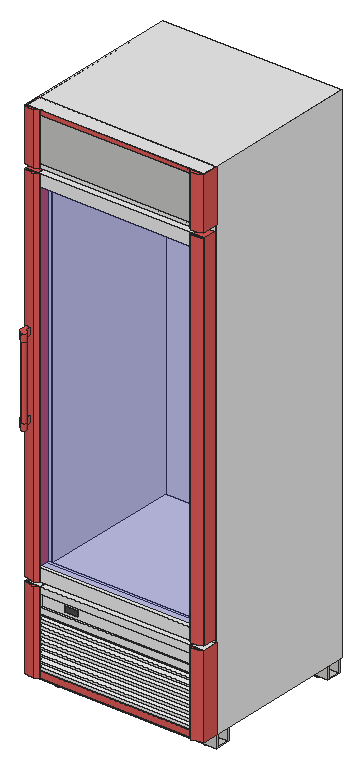
Revit family "QF_Turbo Air_TGM-20SDe71fbfcc-a720-466c-b225-491fcb03b18e", category Specialty Equipment, Revit 2012
Parameters (values of type "White - Wine")
  Width = 2' - 3"  # constant formula
  Weight in Pounds = 292  # constant formula
  Watermarked By = "http://revitwatermark.com"
  Volts = 115 V
  URL Cutsheet = ""
  URL = "www.turboairinc.com"
  Status [instance] = ""
  Specification by User [instance] = ""
  Specification by Manufacturer [instance] = ""
  Sign Material [instance] = QF_Finishes_Turbo Air Image
  Serial Number [instance] = ""
  Revision Code [instance] = ""
  Phase = 1
  Number of Poles [instance] = 1
  NAFEM Spec ID Number [instance] = ""
  Model = "TGM-20SDV"
  Masterspec [instance] = ""
  Manufacturer = "Turbo Air"  # constant formula
  Lower Door Frame Material = QF_Finishes_White
  Lower Cowl Frame Material = QF_Finishes_Anodized - Red
  Legs [instance] = not(Casters)  # yes
  Item Number [instance] = "-"
  Installed By [instance] = ""
  HP = "1/4"
  Furnished By [instance] = ""
  Foodservice Equipment Identifier = yes
  FL Amps = 5.5 A
  Electrical Remarks [instance] = ""
  Electric Connection Type [instance] = ""
  Elec Conn RI Height [instance] = 0' - 0"
  Elec Conn Connection Height [instance] = if(Casters, 0' 11", 0' 6")  # 0' - 6"
  Door Material = QF_Finishes_Anodized - Red
  Description = "Refrigerator Merchandiser"
  Depth = 2' - 1 15/16"  # constant formula
  Cycle = 60 Hz
  Conn Plug = "NEMA 5-15P"
  CasterLeg Height [instance] = if(Casters, 0' 5", 0' 0 1/2")  # 0' - 0 1/2"
  CSI MasterFormat = "11 41 13"
  Body Material = QF_Finishes_White
  Assembly Code = "E1090320"
  Apparent Power = if(Phase = 3, Volts * FL Amps * 1.73, Volts * FL Amps)  # 632.5 VA
  Casters [instance] = no
Types (4): name | Model | Lower Door Frame Material | Lower Cowl Frame Material | Door Material | Body Material
  (no name) | "TGM-20SDV" | QF_Finishes_White | QF_Finishes_Anodized - Red | QF_Finishes_Anodized - Red | QF_Finishes_White
  Black | "TGM-20SDB" | QF_Finishes_Black | QF_Finishes_Black | QF_Finishes_Black | QF_Finishes_Black
  White | "TGM-20SDW" | QF_Finishes_White | QF_Finishes_White | QF_Finishes_White | QF_Finishes_White
  White - Wine | "TGM-20SDV" | QF_Finishes_White | QF_Finishes_Anodized - Red | QF_Finishes_Anodized - Red | QF_Finishes_White
Reference planes (in)
  plane 1: z = 0
  plane 2 "LEFT": x = -20.72594
  plane 3 "RIGHT": x = 6.27406
  plane 4 "FRONT": y = -29.375
  plane 5 "BACK": y = -1.1875
  plane 6 "Front of Door": y = -27.125
  plane 7 "Top of Door": z = 70.8125
  plane 8 "Top of Lower Cowl": z = 14.875
  plane 9 "Front of Box": y = -24.75
  plane 10 "Bottom of Door": z = 15.5625
  plane 11 "Bottom of Lower Cowl": z = 2.5
  plane 12 "Left of Vents": x = -18.53844
  plane 13 "Right of Vents": x = 4.08656
  plane 14 "Bottom": z = 0.5
  plane 15 "TOP": z = 79.4375
  plane 16 "Bottom of Top Display": z = 71.5625
Forms (in)
  Extrusion 1, solid, material "QF_Finishes_White" <- "Body Material"
    sketch origin (0, -1.1875, 0) x (1, 0, 0) y (0, 0, 1)
      loop
        line (-20.72594, 2.5) -> (6.27406, 2.5) -> (6.27406, 79.4375) -> (-20.72594, 79.4375) -> (-20.72594, 2.5)
      loop
        line (-20.60094, 79.3125) -> (-20.60094, 2.625) -> (6.14906, 2.625) -> (6.14906, 79.3125) -> (-20.60094, 79.3125)
    from 0 to 23.5625
  Extrusion 2, solid, material "QF_Finishes_White" <- "Body Material"
    sketch origin (0, -1.1875, 0) x (1, 0, 0) y (0, 0, 1)
      loop
        line (-20.60094, 79.3125) -> (-20.60094, 2.625) -> (6.14906, 2.625) -> (6.14906, 79.3125) -> (-20.60094, 79.3125)
    from 0 to 0.125
  Extrusion 3, solid, material "QF_Finishes_White" <- "Body Material"
    sketch origin (0, -24.75, 0) x (1, 0, 0) y (0, 0, 1)
      loop
        line (-18.72594, 68.8125) -> (-18.72594, 16.875) -> (4.27406, 16.875) -> (4.27406, 68.8125) -> (-18.72594, 68.8125)
      loop
        line (-20.60094, 79.3125) -> (-20.60094, 2.625) -> (6.14906, 2.625) -> (6.14906, 79.3125) -> (-20.60094, 79.3125)
      loop
        line (4.08656, 14.875) -> (-18.53844, 14.875) -> (-18.53844, 3.5) -> (4.08656, 3.5) -> (4.08656, 14.875)
    from 0 to -0.125
  Extrusion 4, solid, material "QF_Finishes_White"
    sketch origin (-20.72594, 0, 0) x (0, 1, 0) y (0, 0, 1)
      loop
        line (-24.625, 15) -> (-1.3125, 15) -> (-1.3125, 79.3125) -> (-24.625, 79.3125) -> (-24.625, 68.8125) -> (-22.75, 68.8125) -> (-22.75, 77.4375) -> (-3.1875, 77.4375) -> (-3.1875, 16.875) -> (-24.625, 16.875) -> (-24.625, 15)
    from 0.125 to 26.875
  Extrusion 5, solid, material "QF_Finishes_White"
    sketch origin (-20.72594, 0, 0) x (0, 1, 0) y (0, 0, 1)
      loop
        line (-24.625, 16.875) -> (-3.1875, 16.875) -> (-3.1875, 77.4375) -> (-22.75, 77.4375) -> (-22.75, 68.8125) -> (-24.625, 68.8125) -> (-24.625, 16.875)
    from 0.125 to 2
  Extrusion 6, solid, material "QF_Finishes_White"
    sketch origin (6.27406, 0, 0) x (0, 1, 0) y (0, 0, 1)
      loop
        line (-24.625, 16.875) -> (-3.1875, 16.875) -> (-3.1875, 77.4375) -> (-22.75, 77.4375) -> (-22.75, 68.8125) -> (-24.625, 68.8125) -> (-24.625, 16.875)
    from -0.125 to -2
  Extrusion 7, solid, material "QF_Finishes_Black"
    sketch origin (0, -24.75, 0) x (1, 0, 0) y (0, 0, 1)
      loop
        line (-19.41344, 69.5) -> (-19.41344, 16.1875) -> (4.96156, 16.1875) -> (4.96156, 69.5) -> (-19.41344, 69.5)
      loop
        line (-19.53844, 69.625) -> (-19.53844, 16.0625) -> (5.08656, 16.0625) -> (5.08656, 69.625) -> (-19.53844, 69.625)
    from 0 to 0.4375
  Extrusion 8, solid, material "QF_Finishes_White" <- "Body Material"
    sketch origin (0, -1.1875, 0) x (1, 0, 0) y (0, 0, 1)
      loop
        circle (-7.22594, 6) r 0.25
    from 0 to -0.0625
  Extrusion 9, solid, material "QF_Finishes_Anodized - Red" <- "Door Material"
    sketch origin (0, 0, 2.5) x (0, 1, 0) y (-1, 0, 0)
      loop
        line (-24.75, 20.72594) -> (-27.25, 20.72594)
        arc (-27.25, 20.72594) -> (-27.46771, 19.92526) -> (-27.5625, 19.10094) r 5.5
        line (-27.5625, 19.10094) -> (-27.1875, 18.53844) -> (-27.125, 18.53844) -> (-27.125, 20.60094) -> (-24.75, 20.60094) -> (-24.75, 20.72594)
    from 0 to 12.375
  Extrusion 10, solid, material "QF_Finishes_Anodized - Red" <- "Door Material"
    sketch origin (25.75, 0, 2.5) x (0, 1, 0) y (-1, 0, 0)
      loop
        line (-24.75, 19.47594) -> (-24.75, 19.60094) -> (-27.125, 19.60094) -> (-27.125, 21.66344) -> (-27.1875, 21.66344) -> (-27.5625, 21.10094)
        arc (-27.5625, 21.10094) -> (-27.46771, 20.27662) -> (-27.25, 19.47594) r 5.5
        line (-27.25, 19.47594) -> (-24.75, 19.47594)
    from 0 to 12.375
  Extrusion 11, solid, material "QF_Finishes_White" <- "Body Material"
    sketch origin (0, -24.75, 0) x (1, 0, 0) y (0, 0, 1)
      loop
        line (-18.53844, 14.875) -> (-18.53844, 13.875) -> (4.08656, 13.875) -> (4.08656, 14.875) -> (-18.53844, 14.875)
      loop
        line (-18.53844, 12.1875) -> (-18.53844, 11.1875) -> (4.08656, 11.1875) -> (4.08656, 12.1875) -> (-18.53844, 12.1875)
    from 0 to 2.375
  Extrusion 12, solid, material "QF_Finishes_White" <- "Body Material"
    sketch origin (0, -24.75, 0) x (1, 0, 0) y (0, 0, 1)
      loop
        line (-18.53844, 13.875) -> (-18.53844, 12.1875) -> (4.08656, 12.1875) -> (4.08656, 13.875) -> (-18.53844, 13.875)
      loop
        line (-14.97594, 12.625) -> (-13.03844, 12.625) -> (-13.03844, 13.4375) -> (-14.97594, 13.4375) -> (-14.97594, 12.625)
    from 0 to 2.125
  Extrusion 13, solid, material "QF_Finishes_Black"
    sketch origin (0, -24.75, 0) x (1, 0, 0) y (0, 0, 1)
      loop
        line (-14.97594, 13.4375) -> (-14.97594, 12.625) -> (-13.03844, 12.625) -> (-13.03844, 13.4375) -> (-14.97594, 13.4375)
    from 0 to 2.125
  Extrusion 14, solid, material "QF_Finishes_White" <- "Body Material"
    sketch origin (0, -24.75, 0) x (1, 0, 0) y (0, 0, 1)
      loop
        line (-20.60094, 14.875) -> (-20.60094, 2.5) -> (6.14906, 2.5) -> (6.14906, 14.875) -> (4.08656, 14.875) -> (4.08656, 3.5) -> (-18.53844, 3.5) -> (-18.53844, 14.875) -> (-20.60094, 14.875)
    from 0 to 2.375
  Extrusion 15, solid, material "QF_Finishes_Anodized - Red" <- "Lower Cowl Frame Material"
    sketch origin (0, -27.125, 0) x (1, 0, 0) y (0, 0, 1)
      loop
        line (-18.53844, 3.5) -> (-18.53844, 2.5) -> (4.08656, 2.5) -> (4.08656, 3.5) -> (-18.53844, 3.5)
    from 0 to 0.0625
  Extrusion 16, solid, material "QF_Finishes_White" <- "Body Material"
    sketch origin (-18.53844, 0, 0) x (0, 1, 0) y (0, 0, 1)
      loop
        line (-27.125, 3.5625) -> (-27, 3.5625) -> (-27, 3.88572) -> (-26.47411, 4.41161) -> (-26.5625, 4.5) -> (-27.125, 3.9375) -> (-27.125, 3.5625)
      loop
        line (-27.125, 4.5) -> (-27, 4.625) -> (-27, 4.82322) -> (-26.47411, 5.34911) -> (-26.5625, 5.4375) -> (-27.125, 4.875) -> (-27.125, 4.5)
      loop
        line (-27.125, 5.4375) -> (-27, 5.5625) -> (-27, 5.76072) -> (-26.47411, 6.28661) -> (-26.5625, 6.375) -> (-27.125, 5.8125) -> (-27.125, 5.4375)
      loop
        line (-27.125, 6.375) -> (-27, 6.5) -> (-27, 6.69822) -> (-26.47411, 7.22411) -> (-26.5625, 7.3125) -> (-27.125, 6.75) -> (-27.125, 6.375)
      loop
        line (-27.125, 11.0625) -> (-26.5625, 11.0625) -> (-27.125, 10.5) -> (-27.125, 10.125) -> (-27, 10.25) -> (-27, 10.44822) -> (-26.47411, 10.97411) -> (-26.47411, 11.125) -> (-27.125, 11.125) -> (-27.125, 11.0625)
      loop
        line (-27.125, 7.3125) -> (-27, 7.4375) -> (-27, 7.63572) -> (-26.47411, 8.16161) -> (-26.5625, 8.25) -> (-27.125, 7.6875) -> (-27.125, 7.3125)
      loop
        line (-27.125, 8.25) -> (-27, 8.375) -> (-27, 8.57322) -> (-26.47411, 9.09911) -> (-26.5625, 9.1875) -> (-27.125, 8.625) -> (-27.125, 8.25)
      loop
        line (-27.125, 9.1875) -> (-27, 9.3125) -> (-27, 9.51072) -> (-26.47411, 10.03661) -> (-26.5625, 10.125) -> (-27.125, 9.5625) -> (-27.125, 9.1875)
    from 0 to 22.625
  Extrusion 17, solid, material "QF_Finishes_Stainless Steel"
    sketch origin (-20.72594, 0, 0) x (0, 1, 0) y (0, 0, 1)
      loop
        line (-24.5625, 2.5) -> (-24.5625, 0.5) -> (-22.375, 0.5) -> (-22.375, 2.5) -> (-22.5, 2.5) -> (-22.5, 0.625) -> (-24.4375, 0.625) -> (-24.4375, 2.5) -> (-24.5625, 2.5)
      loop
        line (-3.5625, 2.5) -> (-3.5625, 0.5) -> (-1.375, 0.5) -> (-1.375, 2.5) -> (-1.5, 2.5) -> (-1.5, 0.625) -> (-3.4375, 0.625) -> (-3.4375, 2.5) -> (-3.5625, 2.5)
    from 0.125 to 26.875
  Extrusion 18, solid, material "QF_Finishes_Stainless Steel", visible <- "Legs"
    sketch origin (0, 0, 0) x (1, 0, 0) y (0, 1, 0)
      loop
        circle (-18.41344, -2.46875) r 0.5625
      loop
        circle (-18.41344, -23.46875) r 0.5625
    from 0 to 0.5
  Extrusion 19, solid, material "QF_Finishes_Stainless Steel", visible <- "Legs"
    sketch origin (23.4375, 0, 0) x (1, 0, 0) y (0, 1, 0)
      loop
        circle (-19.47594, -2.46875) r 0.5625
      loop
        circle (-19.47594, -23.46875) r 0.5625
    from 0 to 0.5
  Extrusion 20, solid, material "QF_Finishes_Anodized - Red" <- "Door Material"
    sketch origin (0, 0, 71.5625) x (0, 1, 0) y (-1, 0, 0)
      loop
        line (-24.75, 20.72594) -> (-27.25, 20.72594)
        arc (-27.25, 20.72594) -> (-27.46771, 19.92526) -> (-27.5625, 19.10094) r 5.5
        line (-27.5625, 19.10094) -> (-27.1875, 18.53844) -> (-27.125, 18.53844) -> (-27.125, 20.60094) -> (-24.75, 20.60094) -> (-24.75, 20.72594)
    from 0 to 7.875
  Extrusion 21, solid, material "QF_Finishes_Anodized - Red" <- "Door Material"
    sketch origin (0, 0, 71.5625) x (0, 1, 0) y (-1, 0, 0)
      loop
        line (-24.75, -6.27406) -> (-24.75, -6.14906) -> (-27.125, -6.14906) -> (-27.125, -4.08656) -> (-27.1875, -4.08656) -> (-27.5625, -4.64906)
        arc (-27.5625, -4.64906) -> (-27.46771, -5.47338) -> (-27.25, -6.27406) r 5.5
        line (-27.25, -6.27406) -> (-24.75, -6.27406)
    from 0 to 7.875
  Extrusion 22, solid, material "QF_Finishes_White" <- "Body Material"
    sketch origin (0, -24.75, 80) x (1, 0, 0) y (0, 0, 1)
      loop
        line (-20.60094, -0.5625) -> (-20.60094, -8.4375) -> (6.14906, -8.4375) -> (6.14906, -0.5625) -> (-20.60094, -0.5625)
      loop
        line (4.08656, -1.125) -> (-18.53844, -1.125) -> (-18.53844, -7.875) -> (4.08656, -7.875) -> (4.08656, -1.125)
    from 0 to 2.375
  Extrusion 23, solid, material "QF_Finishes_Anodized - Red" <- "Lower Cowl Frame Material"
    sketch origin (0, -27.125, 78) x (1, 0, 0) y (0, 0, 1)
      loop
        line (-18.53844, 1.4375) -> (-18.53844, 0.875) -> (4.08656, 0.875) -> (4.08656, 1.4375) -> (-18.53844, 1.4375)
    from 0 to 0.0625
  Extrusion 24, solid, material "QF_Finishes_Turbo Air Image" <- "Sign Material"
    sketch origin (0, -24.75, 0) x (1, 0, 0) y (0, 0, 1)
      loop
        line (-18.53844, 78.875) -> (-18.53844, 72.125) -> (4.08656, 72.125) -> (4.08656, 78.875) -> (-18.53844, 78.875)
    from 0 to 2.375
Lines and regions (in)
  symbolic lines
    curve 1: line (-20.72594, -1.1875, 0) -> (6.27406, -1.1875, 0)
    curve 2: line (-20.72594, -24.75, 0) -> (-20.72594, -1.1875, 0)
    curve 3: line (6.27406, -24.75, 0) -> (-20.72594, -24.75, 0)
    curve 4: line (6.27406, -1.1875, 0) -> (6.27406, -24.75, 0)
    curve 5: line (-19.53844, -24.75, 0) -> (-19.53844, -25.1875, 0)
    curve 6: line (5.08656, -25.1875, 0) -> (5.08656, -24.75, 0)
  symbolic lines, style "QF_Clearances", detail levels coarse
    curve 7: line (6.27406, -54.125, 0) -> (6.27406, -27.125, 0)
    curve 8: arc (-20.72594, -27.125, 0) -> (-12.81782, -46.21688, 0) -> (6.27406, -54.125, 0) r 27
Dimensions and locks (in)
  "Width": plane 3 "RIGHT" to plane 2 "LEFT"
  "Depth": plane 6 "Front of Door" to plane 5 "BACK"
  locked: plane 4 "FRONT" to plane 6 "Front of Door" at 2.25
  locked: plane 6 "Front of Door" to plane 9 "Front of Box" at 2.375
  locked: Extrusion 1 sketch curve to plane 2 "LEFT" at 0.125
  locked: Extrusion 1 sketch curve to plane 3 "RIGHT" at 0.125
  locked: Extrusion 3 sketch curve to plane 2 "LEFT" at 2
  locked: plane 7 "Top of Door" to Extrusion 3 sketch curve at 2
  locked: Extrusion 3 sketch curve to plane 3 "RIGHT" at 2
  locked: Extrusion 3 sketch curve to plane 8 "Top of Lower Cowl" at 2
  locked: plane 9 "Front of Box" to Extrusion 4 sketch curve at 0.125  (x2)
  locked: Extrusion 4 sketch curve to plane 5 "BACK" at 0.125
  locked: plane 8 "Top of Lower Cowl" to Extrusion 4 sketch curve at 0.125
  locked: Extrusion 4 sketch curve to Extrusion 4 sketch curve at 1.875  (x4)
  locked: plane 9 "Front of Box" to Extrusion 5 sketch curve at 0.125
  locked: plane 7 "Top of Door" to Extrusion 5 sketch curve at 2
  locked: Extrusion 5 sketch curve to plane 5 "BACK" at 2
  locked: plane 8 "Top of Lower Cowl" to Extrusion 5 sketch curve at 2
  locked: plane 7 "Top of Door" to Extrusion 6 sketch curve at 2
  locked: plane 8 "Top of Lower Cowl" to Extrusion 6 sketch curve at 2
  locked: Extrusion 6 sketch curve to plane 5 "BACK" at 2
  locked: plane 9 "Front of Box" to Extrusion 6 sketch curve at 0.125
  locked: Extrusion 7 sketch curve to Extrusion 7 sketch curve at 0.125  (x4)
  locked: Extrusion 7 sketch curve to plane 8 "Top of Lower Cowl" at 1.1875
  locked: Extrusion 7 sketch curve to plane 2 "LEFT" at 1.1875
  locked: plane 7 "Top of Door" to Extrusion 7 sketch curve at 1.1875
  locked: Extrusion 7 sketch curve to plane 3 "RIGHT" at 1.1875
  locked: plane 8 "Top of Lower Cowl" to plane 11 "Bottom of Lower Cowl" at 12.375
  locked: Extrusion 1 sketch curve to plane 11 "Bottom of Lower Cowl" at 0.125
  locked: plane 2 "LEFT" to plane 12 "Left of Vents" at 2.1875
  locked: plane 13 "Right of Vents" to plane 3 "RIGHT" at 2.1875
  locked: Extrusion 9 sketch curve to plane 6 "Front of Door" at 0.0625
  locked: Extrusion 9 sketch curve to plane 6 "Front of Door" at 0.125
  locked: Extrusion 9 sketch curve to plane 6 "Front of Door" at 0.4375
  locked: plane 2 "LEFT" to Extrusion 9 sketch curve at 1.625
  locked: Extrusion 10 sketch curve to plane 6 "Front of Door" at 0.125
  locked: Extrusion 10 sketch curve to plane 6 "Front of Door" at 0.0625
  locked: Extrusion 10 sketch curve to plane 6 "Front of Door" at 0.4375
  locked: Extrusion 10 sketch curve to plane 3 "RIGHT" at 1.625
  locked: plane 8 "Top of Lower Cowl" to Extrusion 11 sketch curve at 1
  locked: Extrusion 11 sketch curve to Extrusion 11 sketch curve at 1.6875
  locked: Extrusion 11 sketch curve to Extrusion 11 sketch curve at 1
  locked: plane 8 "Top of Lower Cowl" to Extrusion 12 sketch curve at 1
  locked: Extrusion 12 sketch curve to Extrusion 12 sketch curve at 1.6875
  locked: Extrusion 12 sketch curve to Extrusion 12 sketch curve at 0.4375
  locked: Extrusion 12 sketch curve to Extrusion 12 sketch curve at 0.8125
  locked: Extrusion 12 sketch curve to plane 12 "Left of Vents" at 3.5625
  locked: Extrusion 12 sketch curve to Extrusion 12 sketch curve at 1.9375
  locked: plane 8 "Top of Lower Cowl" to Extrusion 13 sketch curve at 1.4375
  locked: Extrusion 13 sketch curve to Extrusion 13 sketch curve at 0.8125
  locked: Extrusion 13 sketch curve to plane 12 "Left of Vents" at 3.5625
  locked: Extrusion 13 sketch curve to Extrusion 13 sketch curve at 1.9375
  locked: Extrusion 3 sketch curve to plane 11 "Bottom of Lower Cowl" at 0.125
  locked: Extrusion 3 sketch curve to plane 11 "Bottom of Lower Cowl" at 1
  locked: Extrusion 14 sketch curve to plane 11 "Bottom of Lower Cowl" at 1
  locked: Extrusion 15 sketch curve to plane 11 "Bottom of Lower Cowl" at 1
  locked: plane 2 "LEFT" to Extrusion 14 sketch curve at 0.125
  locked: plane 3 "RIGHT" to Extrusion 14 sketch curve at 0.125
  locked: plane 2 "LEFT" to Extrusion 9 sketch curve at 0.125
  locked: Extrusion 10 sketch curve to plane 3 "RIGHT" at 0.125
  locked: plane 11 "Bottom of Lower Cowl" to plane 14 "Bottom" at 2
  "CasterLeg Height": plane 14 "Bottom" to level
  locked: plane 7 "Top of Door" to plane 10 "Bottom of Door" at 55.25
  locked: Extrusion 17 sketch curve to Extrusion 17 sketch curve at 0.125  (x4)
  locked: plane 9 "Front of Box" to Extrusion 17 sketch curve at 0.1875
  locked: plane 14 "Bottom" to Extrusion 17 sketch curve at 0.125  (x2)
  locked: Extrusion 17 sketch curve to plane 5 "BACK" at 0.1875
  locked: Extrusion 17 sketch curve to Extrusion 17 sketch curve at 1.9375  (x2)
  locked: plane 2 "LEFT" to Extrusion 17 at 0.125
  locked: plane 3 "RIGHT" to Extrusion 17 at 0.125
  locked: Extrusion 18 sketch curve to plane 5 "BACK" at 1.28125
  locked: plane 2 "LEFT" to Extrusion 18 sketch curve at 2.3125  (x2)
  locked: plane 9 "Front of Box" to Extrusion 18 sketch curve at 1.28125
  locked: Extrusion 19 sketch curve to plane 5 "BACK" at 1.28125
  locked: Extrusion 19 sketch curve to plane 3 "RIGHT" at 2.3125  (x2)
  locked: plane 9 "Front of Box" to Extrusion 19 sketch curve at 1.28125
  locked: plane 2 "LEFT" to nested 2 at 2.3125
  locked: nested 2 to plane 5 "BACK" at 1.28125
  locked: nested 3 to plane 5 "BACK" at 1.28125
  locked: nested 3 to plane 3 "RIGHT" at 2.3125
  locked: plane 9 "Front of Box" to nested 4 at 1.28125
  locked: plane 2 "LEFT" to nested 4 at 2.3125
  locked: nested 5 to plane 3 "RIGHT" at 2.3125
  locked: plane 9 "Front of Box" to nested 5 at 1.28125
  equal spacing: plane 3 "RIGHT", Extrusion 8 sketch curve, plane 2 "LEFT"
  locked: Extrusion 8 sketch curve to plane 14 "Bottom" at 5.5
  locked: plane 15 "TOP" to plane 16 "Bottom of Top Display" at 7.875
  locked: plane 15 "TOP" to Extrusion 1 sketch curve at 0.125
  locked: Extrusion 4 sketch curve to plane 15 "TOP" at 0.125
  locked: Extrusion 4 sketch curve to plane 7 "Top of Door" at 2
  locked: plane 9 "Front of Box" to Extrusion 6 sketch curve at 2
  locked: Extrusion 6 sketch curve to plane 15 "TOP" at 2
  locked: plane 9 "Front of Box" to Extrusion 5 sketch curve at 2
  locked: plane 15 "TOP" to Extrusion 5 sketch curve at 2
  locked: Extrusion 22 sketch curve to plane 16 "Bottom of Top Display" at 0.5625
  locked: plane 15 "TOP" to Extrusion 22 sketch curve at 0.5625
  locked: plane 2 "LEFT" to Extrusion 22 sketch curve at 0.125
  locked: plane 3 "RIGHT" to Extrusion 22 sketch curve at 0.125
  locked: plane 15 "TOP" to Extrusion 23 sketch curve at 0.5625
  locked: plane 15 "TOP" to Extrusion 24 sketch curve at 0.5625
  locked: Extrusion 24 sketch curve to plane 16 "Bottom of Top Display" at 0.5625
  locked: plane 10 "Bottom of Door" to plane 8 "Top of Lower Cowl" at 0.6875
  locked: plane 16 "Bottom of Top Display" to plane 7 "Top of Door" at 0.75
  aligned and locked: level to plane 1
  aligned and locked: Extrusion 1 sketch curve to plane 3 "RIGHT"
  aligned and locked: plane 2 "LEFT" to Extrusion 1 sketch curve
  aligned and locked: plane 9 "Front of Box" to Extrusion 1
  aligned and locked: Extrusion 2 sketch curve to Extrusion 1  (x2)
  aligned and locked: Extrusion 3 sketch curve to Extrusion 1  (x2)
  aligned and locked: Extrusion 4 to Extrusion 1  (x2)
  aligned and locked: Extrusion 5 to Extrusion 1
  aligned and locked: Extrusion 1 to Extrusion 6
  aligned and locked: plane 2 "LEFT" to nested 1
  aligned and locked: plane 3 "RIGHT" to nested 1
  aligned and locked: plane 5 "BACK" to curve 1
  aligned and locked: plane 2 "LEFT" to curve 2
  aligned and locked: curve 3 to plane 9 "Front of Box"
  aligned and locked: curve 4 to plane 3 "RIGHT"
  aligned and locked: curve 5 to Extrusion 7
  aligned and locked: curve 6 to Extrusion 7
  aligned and locked: nested 1 to plane 10 "Bottom of Door"
  aligned and locked: plane 11 "Bottom of Lower Cowl" to Extrusion 1 sketch curve
  aligned and locked: Extrusion 9 sketch curve to plane 2 "LEFT"
  aligned and locked: plane 6 "Front of Door" to Extrusion 9 sketch curve
  aligned and locked: Extrusion 9 sketch curve to plane 12 "Left of Vents"
  aligned and locked: Extrusion 10 sketch curve to plane 3 "RIGHT"
  aligned and locked: Extrusion 10 sketch curve to plane 6 "Front of Door"
  aligned and locked: Extrusion 10 sketch curve to plane 13 "Right of Vents"
  aligned and locked: plane 8 "Top of Lower Cowl" to Extrusion 9
  aligned and locked: plane 8 "Top of Lower Cowl" to Extrusion 10
  aligned and locked: plane 8 "Top of Lower Cowl" to Extrusion 11 sketch curve
  aligned and locked: Extrusion 11 sketch curve to plane 12 "Left of Vents"
  aligned and locked: plane 12 "Left of Vents" to Extrusion 11 sketch curve
  aligned and locked: Extrusion 11 sketch curve to plane 13 "Right of Vents"
  aligned and locked: plane 13 "Right of Vents" to Extrusion 11 sketch curve
  aligned and locked: plane 6 "Front of Door" to Extrusion 11
  aligned and locked: plane 12 "Left of Vents" to Extrusion 12 sketch curve
  aligned and locked: Extrusion 12 sketch curve to plane 13 "Right of Vents"
  aligned and locked: plane 8 "Top of Lower Cowl" to Extrusion 3 sketch curve
  aligned and locked: Extrusion 3 sketch curve to plane 12 "Left of Vents"
  aligned and locked: Extrusion 3 sketch curve to plane 13 "Right of Vents"
  aligned and locked: plane 8 "Top of Lower Cowl" to Extrusion 14 sketch curve  (x2)
  aligned and locked: Extrusion 14 sketch curve to plane 11 "Bottom of Lower Cowl"
  aligned and locked: Extrusion 14 sketch curve to plane 13 "Right of Vents"
  aligned and locked: plane 6 "Front of Door" to Extrusion 14
  aligned and locked: plane 11 "Bottom of Lower Cowl" to Extrusion 15 sketch curve
  aligned and locked: plane 12 "Left of Vents" to Extrusion 15 sketch curve
  aligned and locked: Extrusion 15 sketch curve to plane 13 "Right of Vents"
  aligned and locked: plane 13 "Right of Vents" to Extrusion 16
  aligned and locked: plane 9 "Front of Box" to Extrusion 9 sketch curve
  aligned and locked: plane 9 "Front of Box" to Extrusion 10 sketch curve
  aligned and locked: Extrusion 17 sketch curve to plane 11 "Bottom of Lower Cowl"  (x4)
  aligned and locked: Extrusion 17 sketch curve to plane 14 "Bottom"  (x2)
  aligned and locked: plane 14 "Bottom" to Extrusion 18
  aligned and locked: plane 14 "Bottom" to Extrusion 19
  aligned and locked: Extrusion 1 sketch curve to plane 15 "TOP"
  aligned and locked: plane 15 "TOP" to Extrusion 22 sketch curve
  aligned and locked: Extrusion 22 sketch curve to plane 16 "Bottom of Top Display"
  aligned and locked: plane 12 "Left of Vents" to Extrusion 22 sketch curve
  aligned and locked: Extrusion 22 sketch curve to plane 13 "Right of Vents"
  aligned and locked: plane 15 "TOP" to Extrusion 20
  aligned and locked: plane 6 "Front of Door" to Extrusion 22
  aligned and locked: plane 12 "Left of Vents" to Extrusion 23 sketch curve
  aligned and locked: Extrusion 23 sketch curve to plane 15 "TOP"
  aligned and locked: Extrusion 23 sketch curve to plane 13 "Right of Vents"
  aligned and locked: plane 12 "Left of Vents" to Extrusion 24 sketch curve
  aligned and locked: Extrusion 24 to plane 9 "Front of Box"
  aligned and locked: plane 13 "Right of Vents" to Extrusion 24
Automatic sketch dimensions
  curve 8 to plane 2 "LEFT" = 0' - 0"
  curve 7 to plane 3 "RIGHT" = 0' - 0"
  plane 6 "Front of Door" to curve 7 = 0' - 0"
  plane 6 "Front of Door" to curve 8 = 0' - 0"
  plane 9 "Front of Box" to curve 5 = 0' - 0 7/16"
  plane 9 "Front of Box" to curve 6 = 0' - 0 7/16"
  plane 11 "Bottom of Lower Cowl" to Extrusion 2 sketch curve = 0' - 0 1/8"
  Extrusion 2 sketch curve to plane 15 "TOP" = 0' - 0 1/8"
  Extrusion 3 sketch curve to plane 15 "TOP" = 0' - 0 1/8"
  Extrusion 9 sketch curve to plane 12 "Left of Vents" = 0' - 0.34816"
  plane 13 "Right of Vents" to Extrusion 10 sketch curve = 0' - 0.34816"
  Extrusion 14 sketch curve to plane 12 "Left of Vents" = 0' - 0"
  Extrusion 20 sketch curve to plane 2 "LEFT" = 0' - 0"
  Extrusion 20 sketch curve to plane 12 "Left of Vents" = 0' - 0"
  plane 6 "Front of Door" to Extrusion 20 sketch curve = 0' - 0"
  plane 9 "Front of Box" to Extrusion 20 sketch curve = 0' - 0"
  Extrusion 20 sketch curve to Extrusion 20 sketch curve = 0' - 0 1/16"
  plane 6 "Front of Door" to Extrusion 20 sketch curve = 0' - 0 1/8"
  plane 6 "Front of Door" to Extrusion 20 sketch curve = 0' - 0 7/16"
  Extrusion 20 sketch curve to plane 12 "Left of Vents" = 0' - 0.34816"
  Extrusion 20 sketch curve to plane 9 "Front of Box" = 0' - 2.68332"
  Extrusion 20 sketch curve to Extrusion 20 sketch curve = 0' - 0 1/8"
  Extrusion 21 sketch curve to plane 3 "RIGHT" = 0' - 0"
  Extrusion 21 sketch curve to plane 13 "Right of Vents" = 0' - 0"
  plane 6 "Front of Door" to Extrusion 21 sketch curve = 0' - 0"
  plane 9 "Front of Box" to Extrusion 21 sketch curve = 0' - 0"
  Extrusion 21 sketch curve to Extrusion 21 sketch curve = 0' - 0 1/16"
  plane 6 "Front of Door" to Extrusion 21 sketch curve = 0' - 0 1/8"
  plane 6 "Front of Door" to Extrusion 21 sketch curve = 0' - 0 7/16"
  plane 13 "Right of Vents" to Extrusion 21 sketch curve = 0' - 0.34816"
  Extrusion 21 sketch curve to plane 9 "Front of Box" = 0' - 2.68332"
  Extrusion 21 sketch curve to plane 3 "RIGHT" = 0' - 0 1/8"
  plane 13 "Right of Vents" to Extrusion 24 sketch curve = 0' - 0"
  Extrusion 16 sketch curve to plane 6 "Front of Door" = 0' - 0"  (x9)
  Extrusion 16 sketch curve to plane 6 "Front of Door" = 0' - 0 1/8"  (x8)
  Extrusion 16 sketch curve to Extrusion 16 sketch curve = 0' - 0 7/16"  (x7)
  Extrusion 16 sketch curve to plane 6 "Front of Door" = 0' - 0 9/16"
  Extrusion 16 sketch curve to Extrusion 16 sketch curve = 0' - 0.08839"  (x8)
  plane 11 "Bottom of Lower Cowl" to Extrusion 16 sketch curve = 0' - 1 1/16"
  Extrusion 16 sketch curve to Extrusion 16 sketch curve = 0' - 0.32322"
  Extrusion 16 sketch curve to Extrusion 16 sketch curve = 0' - 0.05178"  (x8)
  Extrusion 16 sketch curve to Extrusion 16 sketch curve = 0' - 0 9/16"  (x8)
  Extrusion 16 sketch curve to Extrusion 16 sketch curve = 0' - 0 1/8"  (x7)
  Extrusion 16 sketch curve to Extrusion 16 sketch curve = 0' - 0.19822"  (x7)
  Extrusion 16 sketch curve to Extrusion 16 sketch curve = 0' - 0.52589"
  Extrusion 16 sketch curve to Extrusion 16 sketch curve = 0' - 0 1/16"
  radius of Extrusion 8 sketch curve = 0' - 0 1/4"
  radius of Extrusion 18 sketch curve = 0' - 0 9/16"  (x2)
  radius of Extrusion 19 sketch curve = 0' - 0 9/16"  (x2)
Nested families (in)
  nested 1: "QF_Turbo Air_RI_Merch-Door" at (-5.54927, -25.1875, 15.5625), Handle Material <- "Door Material", Door Frame Top Material <- "Body Material", Door Frame Sides Material <- "Door Material", Door Frame Bottom Material <- "Lower Door Frame Material", type "QF_Turbo Air_RI_Merch-Door"
    with Width 2' - 3", Symbolic Lines yes, Height 4' - 7 1/4", Handle Material QF_Finishes_Anodized - Red, Door Frame Top Material QF_Finishes_White, Door Frame Sides Material QF_Finishes_Anodized - Red, Door Frame Bottom Material QF_Finishes_White, Depth 0' - 1 15/16", CL Handle Height 2' - 3 5/8"
  nested 2: "FESCasterLeg" at (-18.41344, -2.46875, 0), Casters <- "Casters", type "FESCasterLeg"
    with Legs no, Height 0' - 5", Casters no, Caster Radius 0' - 2"
  nested 3: "FESCasterLeg" at (3.96156, -2.46875, 0), Casters <- "Casters", type "FESCasterLeg"
    with Legs no, Height 0' - 5", Casters no, Caster Radius 0' - 2"
  nested 4: "FESCasterLeg" at (-18.41344, -23.46875, 0), Casters <- "Casters", type "FESCasterLeg"
    with Legs no, Height 0' - 5", Casters no, Caster Radius 0' - 2"
  nested 5: "FESCasterLeg" at (3.96156, -23.46875, 0), Casters <- "Casters", type "FESCasterLeg"
    with Legs no, Height 0' - 5", Casters no, Caster Radius 0' - 2"
Connectors (in)
  electrical at (-7.22594, -1.125, 6), driven by "Number of Poles", driven by "Volts", driven by "Apparent Power"
    settings: on Extrusion 8, index 1, voltage 115 V, apparent load 632.5 VA, apparent load phase1 0 VA, apparent load phase2 0 VA, apparent load phase3 0 VA, power factor 1, load classification "Other", number of poles 1, system type 30, power factor state 1, is connector primary yes, connector utility no, sub classification motor no, connector description "Electric"
Definition of nested family "QF_Turbo Air_RI_Merch-Door"
  Parameters (values of type "QF_Turbo Air_RI_Merch-Door")
    Width [instance] = 2' - 1"
    Watermarked By = "http://revitwatermark.com"
    Symbolic Lines [instance] = yes
    Manufacturer = "Turbo Air"  # constant formula
    Height [instance] = 2' - 6 1/2"
    Handle Material [instance] = QF_Finishes_Stainless Steel
    Door Frame Top Material [instance] = QF_Finishes_Stainless Steel
    Door Frame Sides Material [instance] = QF_Finishes_Stainless Steel
    Door Frame Bottom Material [instance] = QF_Finishes_Stainless Steel
    Depth [instance] = 0' - 1 15/16"
    CL Handle Height [instance] = 1' - 3 3/16"
  Reference planes (in)
    plane 1 "BACK": y = 0
    plane 2: z = 0
    plane 3 "LEFT": x = -15.17667
    plane 4: x = 9.82333
    plane 5 "FRONT": y = -1.9375
    plane 6: z = 30.5
    plane 7 "Top of Handle": z = 21.6875
    plane 8 "Bottom of Handle": z = 8.6875
    plane 9 "Center of Handle": z = 15.1875
    plane 10: x = -13.36417
    plane 11: x = 8.01083
    plane 12: z = 28.6875
    plane 13: z = 1.8125
    plane 14: z = 20.6875
    plane 15: z = 9.6875
  Forms (in)
    Extrusion 1, solid, material "QF_Finishes_Stainless Steel" <- "Door Frame Sides Material"
      sketch origin (0, 0, 0) x (1, 0, 0) y (0, 0, 1)
        loop
          line (-15.17667, 30.5) -> (-15.17667, 0) -> (-13.36417, 0) -> (-13.36417, 30.5) -> (-15.17667, 30.5)
        loop
          line (9.82333, 0) -> (9.82333, 30.5) -> (8.01083, 30.5) -> (8.01083, 0) -> (9.82333, 0)
      from 0 to 1.9375
    Extrusion 2, solid, material "QF_Finishes_Glass"
      sketch origin (0, 0, 0) x (1, 0, 0) y (0, 0, 1)
        loop
          line (-13.36417, 28.6875) -> (-13.36417, 1.8125) -> (8.01083, 1.8125) -> (8.01083, 28.6875) -> (-13.36417, 28.6875)
      from 0.5 to 1.4375
    Extrusion 3, solid, material "QF_Finishes_Stainless Steel" <- "Handle Material"
      sketch origin (0, 0, 8.6875) x (0, 1, 0) y (-1, 0, 0)
        loop
          circle (-3.8125, 13.92667) r 0.375
      from 1 to 12
    Extrusion 4, solid, material "QF_Finishes_Stainless Steel" <- "Handle Material"
      sketch origin (0, 0, 8.6875) x (0, 1, 0) y (-1, 0, 0)
        loop
          line (-1.9375, 14.86417) -> (-3.25, 14.86417)
          arc (-3.25, 14.86417) -> (-3.39351, 14.83562) -> (-3.51517, 14.75433) r 0.375
          line (-3.51517, 14.75433) -> (-4.07767, 14.19183)
          arc (-4.07767, 14.19183) -> (-4.07767, 13.6615) -> (-3.54733, 13.6615) r 0.375
          line (-3.54733, 13.6615) -> (-2.90717, 14.30167) -> (-1.9375, 14.30167) -> (-1.9375, 14.86417)
      from 0 to 1
    Extrusion 5, solid, material "QF_Finishes_Stainless Steel" <- "Handle Material"
      sketch origin (0, 0, 21.6875) x (0, 1, 0) y (-1, 0, 0)
        loop
          line (-1.9375, 14.86417) -> (-3.25, 14.86417)
          arc (-3.25, 14.86417) -> (-3.39351, 14.83562) -> (-3.51517, 14.75433) r 0.375
          line (-3.51517, 14.75433) -> (-4.07767, 14.19183)
          arc (-4.07767, 14.19183) -> (-4.07767, 13.6615) -> (-3.54733, 13.6615) r 0.375
          line (-3.54733, 13.6615) -> (-2.90717, 14.30167) -> (-1.9375, 14.30167) -> (-1.9375, 14.86417)
      from 0 to -1
    Extrusion 6, solid, material "QF_Finishes_Stainless Steel" <- "Door Frame Top Material"
      sketch origin (0, 0, 0) x (1, 0, 0) y (0, 0, 1)
        loop
          line (-13.36417, 30.5) -> (-13.36417, 28.6875) -> (8.01083, 28.6875) -> (8.01083, 30.5) -> (-13.36417, 30.5)
      from 0 to 1.9375
    Extrusion 7, solid, material "QF_Finishes_Stainless Steel" <- "Door Frame Bottom Material"
      sketch origin (0, 0, 0) x (1, 0, 0) y (0, 0, 1)
        loop
          line (-13.36417, 1.8125) -> (-13.36417, 0) -> (8.01083, 0) -> (8.01083, 1.8125) -> (-13.36417, 1.8125)
      from 0 to 1.9375
    Extrusion 8, solid, material "QF_Finishes_Stainless Steel" <- "Door Frame Sides Material"
      sketch origin (0, 0, 0) x (1, 0, 0) y (0, 1, 0)
        loop
          line (-15.17667, -1.9375) -> (-15.17667, -2.0625)
          arc (-15.17667, -2.0625) -> (-14.37599, -2.28021) -> (-13.55167, -2.375) r 5.5
          line (-13.55167, -2.375) -> (-12.98917, -2) -> (-12.98917, -1.9375) -> (-15.17667, -1.9375)
      from 0 to 30.5
    Extrusion 9, solid, material "QF_Finishes_Stainless Steel" <- "Door Frame Sides Material"
      sketch origin (25, 0, 0) x (1, 0, 0) y (0, 1, 0)
        loop
          line (-15.17667, -1.9375) -> (-17.36417, -1.9375) -> (-17.36417, -2) -> (-16.80167, -2.375)
          arc (-16.80167, -2.375) -> (-15.97735, -2.28021) -> (-15.17667, -2.0625) r 5.5
          line (-15.17667, -2.0625) -> (-15.17667, -1.9375)
      from 0 to 30.5
  Lines and regions (in)
    symbolic lines, visible <- "Symbolic Lines"
      curve 1: line (-15.17667, 0, 8.6875) -> (9.82333, 0, 8.6875)
      curve 2: line (-15.17667, -1.9375, 8.6875) -> (-15.17667, 0, 8.6875)
      curve 3: line (9.82333, -1.9375, 8.6875) -> (-15.17667, -1.9375, 8.6875)
      curve 4: line (9.82333, 0, 8.6875) -> (9.82333, -1.9375, 8.6875)
      curve 11: line (-15.17667, -1.9375, 0) -> (-15.17667, -2.0625, 0)
      curve 12: arc (-15.17667, -2.0625, 0) -> (-14.37599, -2.28021, 0) -> (-13.55167, -2.375, 0) r 5.5
      curve 13: line (-13.55167, -2.375, 0) -> (-12.98917, -2, 0)
      curve 14: line (-12.98917, -2, 0) -> (-12.98917, -1.9375, 0)
      curve 15: line (7.63583, -1.9375, 0) -> (7.63583, -2, 0)
      curve 16: line (7.63583, -2, 0) -> (8.19833, -2.375, 0)
      curve 17: arc (8.19833, -2.375, 0) -> (9.02265, -2.28021, 0) -> (9.82333, -2.0625, 0) r 5.5
      curve 18: line (9.82333, -2.0625, 0) -> (9.82333, -1.9375, 0)
    symbolic lines
      curve 5: line (-14.86417, -2.163, 8.6875) -> (-14.86417, -3.25, 8.6875)
      curve 6: arc (-14.86417, -3.25, 8.6875) -> (-14.83562, -3.39351, 8.6875) -> (-14.75433, -3.51517, 8.6875) r 0.375
      curve 7: line (-14.75433, -3.51517, 8.6875) -> (-14.19183, -4.07767, 8.6875)
      curve 8: arc (-14.19183, -4.07767, 8.6875) -> (-13.6615, -4.07767, 8.6875) -> (-13.6615, -3.54733, 8.6875) r 0.375
      curve 9: line (-13.6615, -3.54733, 8.6875) -> (-14.30167, -2.90717, 8.6875)
      curve 10: line (-14.30167, -2.90717, 8.6875) -> (-14.30167, -2.29398, 8.6875)
  Dimensions and locks (in)
    "Width": plane 4 to plane 3 "LEFT"
    "Depth": plane 5 "FRONT" to plane 1 "BACK"
    "Height": plane 6 to plane 2
    locked: plane 7 "Top of Handle" to plane 8 "Bottom of Handle" at 13
    equal spacing: plane 7 "Top of Handle", plane 9 "Center of Handle", plane 8 "Bottom of Handle"
    locked: plane 13 to level at 1.8125
    locked: plane 6 to plane 12 at 1.8125
    locked: plane 3 "LEFT" to plane 10 at 1.8125
    locked: plane 11 to plane 4 at 1.8125
    locked: plane 1 "BACK" to Extrusion 2 at 0.5
    locked: Extrusion 2 to plane 5 "FRONT" at 0.5
    "CL Handle Height": plane 9 "Center of Handle" to level
    locked: plane 7 "Top of Handle" to plane 14 at 1
    locked: plane 15 to plane 8 "Bottom of Handle" at 1
    locked: plane 3 "LEFT" to Extrusion 3 sketch curve at 1.25
    locked: Extrusion 3 sketch curve to plane 5 "FRONT" at 1.875
    locked: Extrusion 4 sketch curve to Extrusion 4 sketch curve at 0.5625
    locked: plane 3 "LEFT" to Extrusion 4 sketch curve at 0.3125
    locked: Extrusion 4 sketch curve to plane 5 "FRONT" at 1.3125
    locked: Extrusion 4 sketch curve to plane 5 "FRONT" at 0.96967
    locked: Extrusion 4 sketch curve to plane 5 "FRONT" at 1.57767
    locked: plane 3 "LEFT" to Extrusion 4 sketch curve at 0.42233
    locked: Extrusion 5 sketch curve to Extrusion 5 sketch curve at 0.5625
    locked: plane 3 "LEFT" to Extrusion 8 sketch curve at 2.1875
    locked: Extrusion 8 sketch curve to plane 5 "FRONT" at 0.125
    locked: Extrusion 8 sketch curve to plane 5 "FRONT" at 0.0625
    locked: plane 3 "LEFT" to Extrusion 8 sketch curve at 1.625
    locked: Extrusion 8 sketch curve to plane 5 "FRONT" at 0.4375
    locked: Extrusion 9 sketch curve to plane 4 at 2.1875
    locked: Extrusion 9 sketch curve to plane 4 at 1.625
    locked: Extrusion 9 sketch curve to plane 5 "FRONT" at 0.0625
    locked: Extrusion 9 sketch curve to plane 5 "FRONT" at 0.4375
    locked: Extrusion 9 sketch curve to plane 5 "FRONT" at 0.125
    aligned and locked: level to plane 2
    aligned and locked: Extrusion 1 sketch curve to plane 6
    aligned and locked: plane 3 "LEFT" to Extrusion 1 sketch curve
    aligned and locked: level to Extrusion 1 sketch curve
    aligned and locked: Extrusion 1 sketch curve to plane 4
    aligned and locked: plane 5 "FRONT" to Extrusion 1
    aligned and locked: plane 10 to Extrusion 1 sketch curve
    aligned and locked: Extrusion 1 sketch curve to plane 11
    aligned and locked: Extrusion 2 sketch curve to plane 12
    aligned and locked: plane 10 to Extrusion 2 sketch curve
    aligned and locked: Extrusion 2 sketch curve to plane 11
    aligned and locked: plane 13 to Extrusion 2 sketch curve
    aligned and locked: plane 3 "LEFT" to curve 2
    aligned and locked: plane 1 "BACK" to curve 1
    aligned and locked: curve 4 to plane 4
    aligned and locked: curve 3 to plane 5 "FRONT"
    aligned and locked: Extrusion 3 to plane 15
    aligned and locked: plane 14 to Extrusion 3
    aligned and locked: Extrusion 4 sketch curve to Extrusion 3
    aligned and locked: plane 5 "FRONT" to Extrusion 4 sketch curve
    aligned and locked: plane 15 to Extrusion 4
    aligned and locked: Extrusion 5 to plane 14
    aligned and locked: Extrusion 5 to curve 5
    aligned and locked: curve 6 to Extrusion 5
    aligned and locked: curve 8 to Extrusion 5
    aligned and locked: curve 10 to Extrusion 5
    aligned and locked: Extrusion 6 sketch curve to plane 6
    aligned and locked: plane 12 to Extrusion 6 sketch curve
    aligned and locked: Extrusion 6 sketch curve to plane 11
    aligned and locked: plane 10 to Extrusion 6 sketch curve
    aligned and locked: plane 5 "FRONT" to Extrusion 6
    aligned and locked: Extrusion 7 sketch curve to plane 13
    aligned and locked: level to Extrusion 7 sketch curve
    aligned and locked: Extrusion 7 sketch curve to plane 11
    aligned and locked: plane 10 to Extrusion 7 sketch curve
    aligned and locked: plane 5 "FRONT" to Extrusion 7
    aligned and locked: plane 5 "FRONT" to Extrusion 8 sketch curve
    aligned and locked: Extrusion 8 sketch curve to plane 3 "LEFT"
    aligned and locked: plane 6 to Extrusion 8
    aligned and locked: Extrusion 9 sketch curve to plane 5 "FRONT"
    aligned and locked: Extrusion 9 sketch curve to plane 4
    aligned and locked: plane 6 to Extrusion 9
    aligned and locked: curve 11 to Extrusion 8
    aligned and locked: curve 12 to Extrusion 8
    aligned and locked: curve 13 to Extrusion 8
    aligned and locked: curve 14 to Extrusion 8
    aligned and locked: curve 15 to Extrusion 9
    aligned and locked: curve 16 to Extrusion 9
    aligned and locked: curve 17 to Extrusion 9
    aligned and locked: curve 18 to Extrusion 9
  Automatic sketch dimensions
    plane 10 to Extrusion 8 sketch curve = 0' - 0.02684"
    Extrusion 1 sketch curve to level = 0' - 0"
    Extrusion 1 sketch curve to plane 6 = 0' - 0"
    Extrusion 4 sketch curve to Extrusion 4 sketch curve = 0' - 0.26517"
    Extrusion 4 sketch curve to plane 10 = 0' - 0.29733"
    plane 5 "FRONT" to Extrusion 5 sketch curve = 0' - 0"
    plane 5 "FRONT" to Extrusion 5 sketch curve = 0' - 0.96967"
    plane 3 "LEFT" to Extrusion 5 sketch curve = 0' - 0 5/16"
    Extrusion 5 sketch curve to Extrusion 5 sketch curve = 0' - 0.34283"
    plane 3 "LEFT" to Extrusion 5 sketch curve = 0' - 0.42233"
    Extrusion 5 sketch curve to Extrusion 5 sketch curve = 0' - 0.26517"  (x4)
    Extrusion 5 sketch curve to plane 10 = 0' - 0.29733"
    Extrusion 5 sketch curve to Extrusion 5 sketch curve = 0' - 0.29733"
    Extrusion 9 sketch curve to plane 11 = 0' - 0.02684"
    plane 5 "FRONT" to curve 11 = 0' - 0"
    plane 5 "FRONT" to curve 14 = 0' - 0"
    plane 5 "FRONT" to curve 15 = 0' - 0"
    plane 5 "FRONT" to curve 18 = 0' - 0"
    curve 7 to plane 10 = 0' - 0.82767"
    curve 8 to plane 10 = 0' - 0.29733"
    plane 3 "LEFT" to curve 7 = 0' - 0.42233"
    curve 6 to curve 10 = 0' - 0.34283"
    plane 5 "FRONT" to curve 10 = 0' - 0.35648"
    plane 5 "FRONT" to curve 5 = 0' - 0.2255"
    radius of Extrusion 3 sketch curve = 0' - 0 3/8"
Definition of nested family "FESCasterLeg"
  Parameters (values of type "FESCasterLeg")
    Watermarked By = "http://revitwatermark.com"
    Type Comments = "⍁⍉⌁⌀⏭⎽⌇⍠⌜⍉⎖⌥⌦⌯⍭⏊⍻⍿⍊⏵⍊⏗⏠⍴⎡⌈⎀⍠⌓⌤⏘⎐⍀⌐⏬⏁⎈⏍⏦⎒⏬⌝⍩⍇⌣〈⎫〉⎁⏊⍥⍖⍥⍝⍦⌖⍀⏌⏭⎝⎼⏷⏞⍻⏯⎽⏷⏞⍻⏯⎽⏷⎺⌻⎝⍎⌧⏷⏟⏿⌿⍜⍦⍤⌁⍬⏶⏎⍊⏚⏉⎞⌡⎀⎪⏈⌟⌿⍾⍼⌟⌿⌢⌞⏜⏝⎽⍷⍷⍯⍧⍷⌯⍽⏸⏨⏾⏎⌣⏺⍹⏼⏅⎏⌽⎫⎪⍙⎓⏗⎗⏅⌴⍏⍏⍿⏑⎺⍘⌭⏲⍥⎛⎾⎾⍞⍌⎪⎲⌙⎥⏏⎟⎟⏼⏘⎏⎝⏧⏍⏁⍏⍧⏯⏾⌟"
    Legs [instance] = yes
    Height [instance] = 0' - 6"
    Caster Radius [instance] = if(Height < 0' 3", 0' 1", (Height / 2) - 0' 0 1/2")  # 0' - 2 1/2"
    Casters [instance] = yes
    Assembly Code = ""
  Reference planes (in)
    plane 1 "Center (Front/Back)": y = 0
    plane 2: z = 0
    plane 3 "Center (Left/Right)": x = 0
    plane 4: z = 6
    plane 5: z = 5.5
  Forms (in)
    Extrusion 1, solid, material "QF_Finishes_Stainless Steel", visible <- "Casters"
      sketch origin (-24.12131, -22.88887, 10.18833) x (0.707107, 0.707107, 0) y (0, 0, 1)
        loop
          line (34.98772, -7.68833) -> (34.98772, -4.93833) -> (34.48772, -4.93833) -> (34.39402, -4.68833) -> (32.39402, -4.68833) -> (32.39402, -5.43833) -> (33.98772, -7.34206) -> (33.98772, -7.68833)
          arc (33.98772, -7.68833) -> (34.48772, -8.18833) -> (34.98772, -7.68833) r 0.5
      from 0 to 1.75
    Extrusion 2, solid, material "QF_Finishes_Rubber Black", visible <- "Casters"
      sketch origin (-24.32327, -23.09083, 13.31461) x (0.707107, 0.707107, 0) y (0, 0, 1)
        loop
          circle (34.77334, -10.81461) r 2.5
      from 0.375 to 1.375
    Extrusion 3, solid, material "QF_Finishes_Stainless Steel", visible <- "Casters"
      sketch origin (-7.24148, -8.48391, 0) x (0.707107, 0.707107, 0) y (0, 0, 1)
        loop
          line (10.61603, 5.5) -> (11.61603, 5.5) -> (11.61603, 6) -> (10.61603, 6) -> (10.61603, 5.5)
      from 0 to -1.75
    Blend 4, solid, material "QF_Finishes_Stainless Steel", visible <- "Legs"
      base sketch origin (0, 0, 0) x (1, 0, 0) y (0, 1, 0)
        loop
          circle (0, 0) r 0.5
      top sketch origin (0, 0, 0) x (1, 0, 0) y (0, 1, 0)
        loop
          circle (0, 0) r 1
      from 0 to 6 <- "Height"
  Lines and regions (in)
    symbolic lines, style "QF_Hidden Details", visible <- "Casters", built-in parameter 1006206 <- "Casters"
      curve 1: line (-1.26158, -0.51911, 0) -> (1.39007, 2.13254, 0)
      curve 2: line (-0.53429, -1.24639, 0) -> (2.11736, 1.40526, 0)
    symbolic lines, style "QF_Hidden Details", built-in parameter 1006206 <- "Casters", visible <- "Casters"
      curve 3: line (-1.26158, -0.51911, 0) -> (1.39007, 2.13254, 0)
      curve 4: line (-0.53429, -1.24639, 0) -> (2.11736, 1.40526, 0)
  Dimensions and locks (in)
    locked: plane 4 to plane 5 at 0.5
    "Height": plane 4 to level
    "Caster Radius": Extrusion 2 sketch curve to level
    "Caster Radius": Extrusion 1 sketch curve to level
    "Caster Radius": radius of Extrusion 2 sketch curve
    aligned and locked: plane 2 to level
    aligned: Blend 4 to Extrusion 3
    aligned and locked: plane 4 to Blend 4
    aligned and locked: Extrusion 3 to plane 5
    aligned and locked: plane 4 to Extrusion 3
    aligned and locked: plane 5 to Extrusion 1
  Automatic sketch dimensions
    plane 1 "Center (Front/Back)" to curve 3 = 0' - 0.51911"
    curve 3 to plane 3 "Center (Left/Right)" = 0' - 1.26158"
    plane 1 "Center (Front/Back)" to curve 1 = 0' - 0.51911"
    curve 1 to curve 3 = 0' - 0"  (x3)
    curve 4 to plane 3 "Center (Left/Right)" = 0' - 0.53429"
    curve 2 to curve 4 = 0' - 0"  (x2)
    plane 3 "Center (Left/Right)" to curve 3 = 0' - 1.39007"
    curve 1 to curve 4 = 0' - 0.72729"
    curve 2 to curve 1 = 0' - 0.72729"
    curve 4 to curve 2 = 0' - 0"  (x2)
    curve 2 to plane 1 "Center (Front/Back)" = 0' - 1.40526"
    curve 2 to curve 3 = 0' - 0.72729"
    plane 5 to Extrusion 1 sketch curve = 0' - 0"
    Extrusion 1 sketch curve to Extrusion 1 sketch curve = 0' - 1.5937"
    Extrusion 1 sketch curve to Extrusion 1 sketch curve = 0' - 2"
    Extrusion 1 sketch curve to Extrusion 1 sketch curve = 0' - 0.0937"
    Extrusion 1 sketch curve to Extrusion 1 sketch curve = 0' - 0 1/2"
    Extrusion 1 sketch curve to Extrusion 1 sketch curve = 0' - 0.34627"
    Extrusion 1 sketch curve to plane 5 = 0' - 0 3/4"
    Extrusion 1 sketch curve to plane 5 = 0' - 0 1/4"
    Extrusion 3 sketch curve to plane 5 = 0' - 0"
    plane 4 to Extrusion 3 sketch curve = 0' - 0"
    Extrusion 3 sketch curve to Extrusion 3 sketch curve = 0' - 1"
    plane 1 "Center (Front/Back)" to Blend 4 sketch curve = 0' - 0"  (x2)
    Blend 4 sketch curve to plane 3 "Center (Left/Right)" = 0' - 0"  (x2)
    radius of Blend 4 sketch curve = 0' - 0 1/2"
    radius of Blend 4 sketch curve = 0' - 1"
